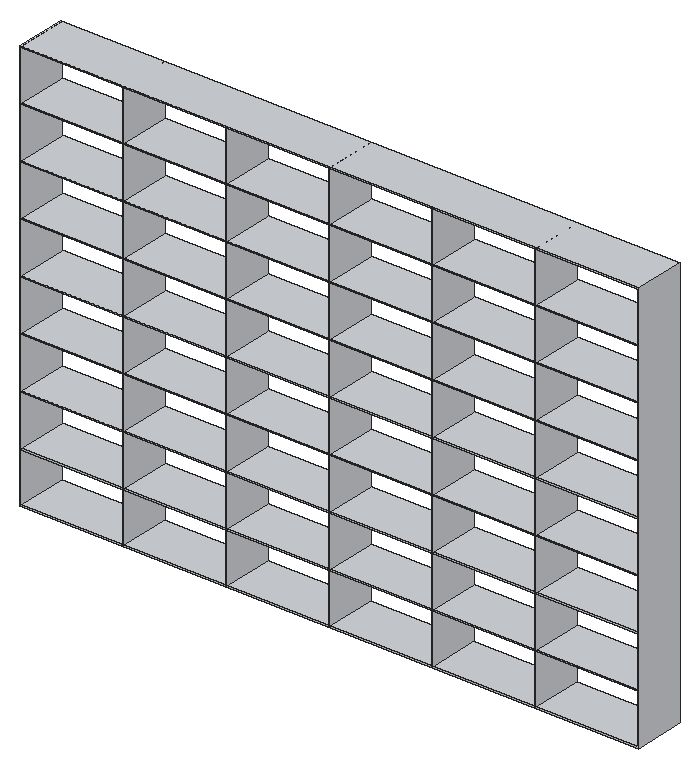
Revit family "Egg Crate Screen", category Mechanical Equipment, Revit 2015
Parameters
  VNumber [instance] = ((Exact Width / 2) - Frame Thickness) / A  # 3
  VBar Length [instance] = Exact Height - Frame Thickness * 2  # 3' - 11 3/4"
  URL = "http://unitedenertech.com/catalog/pdf/D_1%20EGG%20CRATE%20SCREEN.pdf"
  Type Comments = "Max. Single Section Size is (120\"w x 60\"h) or (60\"w x 120\"h)"
  Model = "Egg Crate Screen"
  Manufacturer = "United Enertech Corporation"
  Keynote = "See Submittal for Max. A, B, Depth, and Thickness Values."
  HNumber [instance] = ((Exact Height / 2) - Frame Thickness) / B  # 4
  HBar Length [instance] = Exact Width - Frame Thickness * 2  # 5' - 11 3/4"
  Frame Thickness = 0' - 0 1/8"
  Exact Width = 6' - 0"
  Exact Height = 4' - 0"
  Description = "Egg Crate Architectural Grille. Bar Frame Shown, Consult Factory for Tube or Channel Frame Models."
  Depth = 0' - 6"
  Center Offset [instance] = Blade Thickness / 2  # 0' - 0 1/16"
  Blade Thickness = 0' - 0 1/8"
  B = 0' - 6"
  A = 1' - 0"
Reference planes (in)
  plane 1 "Center (Front/Back)": y = 0
  plane 2: z = 0
  plane 3 "Center (Left/Right)": x = 0
  plane 4: x = -36
  plane 5: x = 36
  plane 6: y = 3
  plane 7: y = -3
  plane 8: z = 48
  plane 9: z = 24
  plane 10: x = -35.875
  plane 11: x = 35.875
  plane 12: z = 0.125
  plane 13: z = 47.875
  plane 14: z = 23.9375
  plane 15: x = 0.0625
Forms (in)
  Extrusion 1, solid
    sketch origin (0, 0, 0) x (1, 0, 0) y (0, 0, 1)
      loop
        line (-35.875, 47.875) -> (-35.875, 0.125) -> (35.875, 0.125) -> (35.875, 47.875) -> (-35.875, 47.875)
      loop
        line (-36, 48) -> (-36, 0) -> (36, 0) -> (36, 48) -> (-36, 48)
    from -3 to 3
Dimensions and locks (in)
  "Exact Width": plane 4 to plane 5
  "Depth": plane 6 to plane 7
  equal spacing: plane 4, plane 3 "Center (Left/Right)", plane 5
  equal spacing: plane 6, plane 1 "Center (Front/Back)", plane 7
  equal spacing: plane 8, plane 9, level
  "Exact Height": plane 8 to level
  "Frame Thickness": plane 11 to plane 5
  "Frame Thickness": plane 4 to plane 10
  "Frame Thickness": plane 12 to level
  "Frame Thickness": plane 8 to plane 13
  "Center Offset": plane 3 "Center (Left/Right)" to plane 15
  "Center Offset": plane 9 to plane 14
  equal spacing: group 1, group 2, group 4  (x3)
  "A": nested 1 to nested 3
  equal spacing: group 5, group 3, group 1
  equal spacing: group 1, group 3, group 5  (x2)
  "A": nested 4 to nested 1
  equal spacing: group 6, group 7, group 8, group 9  (x3)
  "B": nested 7 to nested 2
  equal spacing: group 6, group 10, group 11, group 12  (x2)
  equal spacing: group 12, group 11, group 10, group 6
  "B": nested 2 to nested 10
  aligned and locked: level to plane 2
  aligned and locked: level to Extrusion 1 sketch curve
  aligned and locked: plane 4 to Extrusion 1 sketch curve
  aligned and locked: Extrusion 1 sketch curve to plane 5
  aligned and locked: plane 12 to Extrusion 1 sketch curve
  aligned and locked: plane 11 to Extrusion 1 sketch curve
  aligned and locked: plane 10 to Extrusion 1 sketch curve
  aligned and locked: Extrusion 1 sketch curve to plane 8
  aligned and locked: plane 13 to Extrusion 1 sketch curve
  aligned and locked: plane 6 to Extrusion 1
  aligned and locked: Extrusion 1 to plane 7
  aligned and locked: nested 1 to plane 9
  aligned and locked: nested 1 to plane 1 "Center (Front/Back)"
  aligned and locked: nested 1 to plane 15
  aligned and locked: plane 3 "Center (Left/Right)" to nested 2
  aligned and locked: nested 1 to nested 2
  aligned and locked: nested 2 to plane 14
  aligned and locked: nested 3 to nested 1
  aligned and locked: nested 1 to nested 3
  aligned and locked: nested 1 to nested 4
  aligned and locked: nested 4 to nested 1
  aligned and locked: nested 7 to nested 2
  aligned and locked: nested 2 to nested 10
Nested families (in)
  nested 1: "VBarr" at (-0.0625, -3, 24) x (0, 0, -1) z (1, 0, 0), type "VBarr"
    with Y 0' - 0 1/8", X 0' - 6", L 3' - 11 3/4"
  nested 2: "HBarr" at (0, -3, 23.9375), type "HBarr"
    with Y 0' - 0 1/8", X 0' - 6", L 5' - 11 3/4"
  nested 3: "VBarr" at (11.9375, -3, 24) x (0, 0, -1) z (1, 0, 0), type "VBarr"
    with Y 0' - 0 1/8", X 0' - 6", L 3' - 11 3/4"
  nested 4: "VBarr" at (-12.0625, -3, 24) x (0, 0, -1) z (1, 0, 0), type "VBarr"
    with Y 0' - 0 1/8", X 0' - 6", L 3' - 11 3/4"
  nested 5: "VBarr" at (23.9375, -3, 24) x (0, 0, -1) z (1, 0, 0), type "VBarr"
    with Y 0' - 0 1/8", X 0' - 6", L 3' - 11 3/4"
  nested 6: "VBarr" at (-24.0625, -3, 24) x (0, 0, -1) z (1, 0, 0), type "VBarr"
    with Y 0' - 0 1/8", X 0' - 6", L 3' - 11 3/4"
  nested 7: "HBarr" at (0, -3, 29.9375), type "HBarr"
    with Y 0' - 0 1/8", X 0' - 6", L 5' - 11 3/4"
  nested 8: "HBarr" at (0, -3, 35.9375), type "HBarr"
    with Y 0' - 0 1/8", X 0' - 6", L 5' - 11 3/4"
  nested 9: "HBarr" at (0, -3, 41.9375), type "HBarr"
    with Y 0' - 0 1/8", X 0' - 6", L 5' - 11 3/4"
  nested 10: "HBarr" at (0, -3, 17.9375), type "HBarr"
    with Y 0' - 0 1/8", X 0' - 6", L 5' - 11 3/4"
  nested 11: "HBarr" at (0, -3, 11.9375), type "HBarr"
    with Y 0' - 0 1/8", X 0' - 6", L 5' - 11 3/4"
  nested 12: "HBarr" at (0, -3, 5.9375), type "HBarr"
    with Y 0' - 0 1/8", X 0' - 6", L 5' - 11 3/4"
Definition of nested family "VBarr"
  Parameters (values of type "VBarr")
    Y = 0' - 1"
    X = 0' - 8"
    L = 4' - 4"
  Reference planes (in)
    plane 1 "Center (Front/Back)": y = 0
    plane 2: z = 0
    plane 3 "Center (Left/Right)": x = 0
    plane 4: z = 1
    plane 5: y = 8
    plane 6: x = -26
    plane 7: x = 26
    plane 8: y = 4
  Forms (in)
    Extrusion 1, solid
      sketch origin (0, 0, 0) x (0, 1, 0) y (0, 0, 1)
        loop
          line (8, 1) -> (0, 1) -> (0, 0) -> (8, 0) -> (8, 1)
      from -26 to 26
  Dimensions and locks (in)
    "Y": plane 4 to level
    "X": plane 5 to plane 1 "Center (Front/Back)"
    equal spacing: plane 6, plane 3 "Center (Left/Right)", plane 7
    "L": plane 6 to plane 7
    equal spacing: plane 5, plane 8, plane 1 "Center (Front/Back)"
    aligned and locked: level to plane 2
    aligned and locked: level to Extrusion 1 sketch curve
    aligned and locked: Extrusion 1 sketch curve to plane 4
    aligned and locked: plane 5 to Extrusion 1 sketch curve
    aligned and locked: Extrusion 1 sketch curve to plane 1 "Center (Front/Back)"
    aligned and locked: plane 7 to Extrusion 1
    aligned and locked: plane 6 to Extrusion 1
Definition of nested family "HBarr"
  Parameters (values of type "HBarr")
    Y = 0' - 1"
    X = 0' - 8"
    L = 4' - 4"
  Reference planes (in)
    plane 1 "Center (Front/Back)": y = 0
    plane 2: z = 0
    plane 3 "Center (Left/Right)": x = 0
    plane 4: z = 1
    plane 5: y = 8
    plane 6: x = -26
    plane 7: x = 26
    plane 8: y = 4
  Forms (in)
    Extrusion 1, solid
      sketch origin (0, 0, 0) x (0, 1, 0) y (0, 0, 1)
        loop
          line (8, 1) -> (0, 1) -> (0, 0) -> (8, 0) -> (8, 1)
      from -26 to 26
  Dimensions and locks (in)
    "Y": plane 4 to level
    "X": plane 5 to plane 1 "Center (Front/Back)"
    equal spacing: plane 6, plane 3 "Center (Left/Right)", plane 7
    "L": plane 6 to plane 7
    equal spacing: plane 5, plane 8, plane 1 "Center (Front/Back)"
    aligned and locked: level to plane 2
    aligned and locked: level to Extrusion 1 sketch curve
    aligned and locked: Extrusion 1 sketch curve to plane 4
    aligned and locked: plane 5 to Extrusion 1 sketch curve
    aligned and locked: Extrusion 1 sketch curve to plane 1 "Center (Front/Back)"
    aligned and locked: plane 7 to Extrusion 1
    aligned and locked: plane 6 to Extrusion 1
